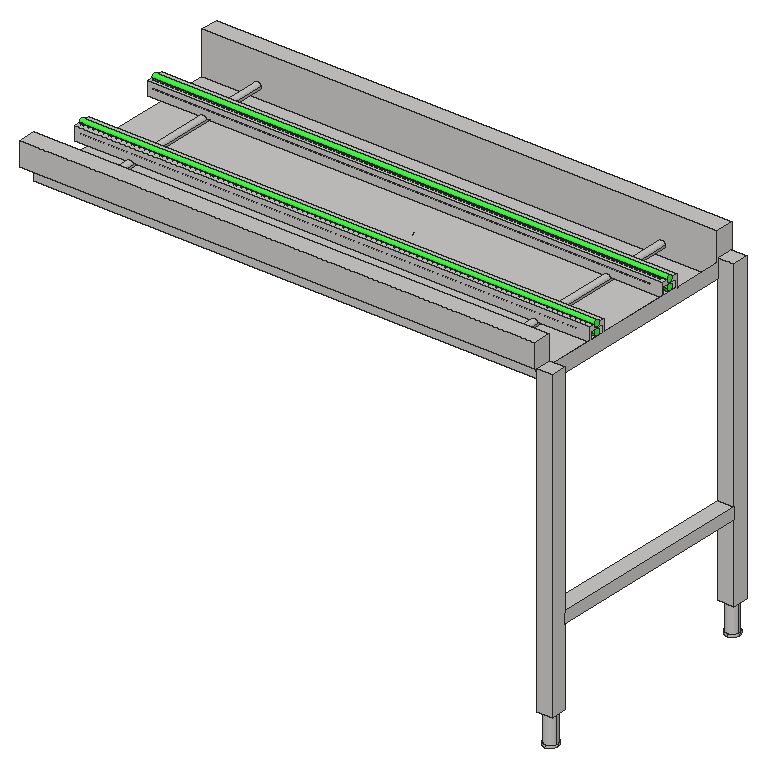
Revit family "QF_ELECTROLUXPROFESSIONAL_863151_HSBCC13", category Specialty Equipment, Revit 2018
Family settings
  Round Connector Dimension = Use Diameter
  Part Type = Normal
  Work Plane-Based = No
  Always vertical = Yes
  Cut with Voids When Loaded = No
  Shared = No
  Room Calculation Point = No
Parameters
  Weight = 0.00 kg
  Watts = 0 W
  Volts = 0 V
  URL Manufacturer = "http://professional.electrolux.com"
  URL = "http://professional.electrolux.com"
  Steam Supply Size = 0 mm
  Steam Supply Minimum Pressure = 0.0 Pa
  Steam Supply Maximum Pressure = 0.0 Pa
  Steam Pounds per Hour = 0
  Refrigeration Suction Line Size = 0 mm
  Refrigeration Liquid Line Size = 0 mm
  Refrigerant Compressor Remote = yes
  Manufacturer = "Electrolux"
  Phase = 0
  Model = "HSBCC13"
  Length Actual = 1300 mm  # constant formula
  Item Number = "863151"
  Hot Water Size = 0 mm
  Height Actual = 910 mm  # constant formula
  HP = "0 HP"
  Gas Size = 0 mm
  Gas KW = 0
  Gas Input Pressure = 0 W
  Description = "CORD CONVEYOR FOR BASKETS, L=1300 MM"
  Depth Actual = 620 mm  # constant formula
  Cycle = 0 Hz
  Condensate Return Size = 0 mm
  Compressed Air Volume = 0.0 L/s
  Compressed Air Size = 0 mm
  Compressed Air Pressure = 0.0 Pa
  Cold Water Size = 0 mm
  Accessory = yes
Reference planes
  plane 1 "Centro (Fronte/Retro)": y = 74.737
  plane 2: z = 0
  plane 3 "LEFT": x = -1738.761
  plane 4 "BACK": y = 384.737
  plane 5 "FRONT": y = -235.263
  plane 6: z = 910
  plane 7 "RIGHT": x = -438.761
  plane 8: x = -1088.761
Forms (mm)
  Extrusion 1, solid, material "QF_Finishes_Stainless Steel"
    sketch origin (11.239, 0, 0) x (0, 1, 0) y (0, 0, 1)
      loop
        line (-235.263, 910) -> (-235.263, 850.033) -> (-190.242, 850.033) -> (-190.242, 910) -> (-235.263, 910)
      loop
        line (384.737, 910) -> (339.716, 910) -> (339.716, 850.033) -> (384.737, 850.033) -> (384.737, 910)
    from -1750 to -451.2
  Extrusion 2, solid, material "QF_Finishes_Stainless Steel"
    sketch origin (11.239, 0, 0) x (0, 1, 0) y (0, 0, 1)
      loop
        line (-191.727, 850.033) -> (-191.727, 800.081) -> (341.245, 800.081) -> (341.245, 850.033) -> (339.716, 850.033) -> (339.716, 803.081) -> (-190.242, 803.081) -> (-190.242, 850.033) -> (-191.727, 850.033)
    from -1750 to -451.2
  Extrusion 3, solid, material "QF_Finishes_Stainless Steel"
    sketch origin (1061.239, 723.253, 4000) x (0, 1, 0) y (0, 0, 1)
      loop
        line (-958.516, -3090) -> (-958.516, -3149.967) -> (-934.752, -3185.632) -> (-915.4, -3185.632) -> (-915.4, -3199.919) -> (-381.633, -3199.919) -> (-381.633, -3185.632) -> (-362.281, -3185.632) -> (-338.516, -3149.967) -> (-338.516, -3090) -> (-383.538, -3090) -> (-383.538, -3161.926) -> (-913.495, -3161.926) -> (-913.495, -3090) -> (-958.516, -3090)
    from -1500 to -1501.2
  Extrusion 4, solid, material "QF_Finishes_Stainless Steel"
    sketch origin (-1477.522, 74.737, 0) x (-1, 0, 0) y (0, 0, -1)
      loop
        line (-1079.929, -300) -> (-1039.929, -300) -> (-1039.929, -270) -> (-1079.929, -270) -> (-1079.929, -300)
    from -266.504 to 266.46
  Revolve 5, solid, material "QF_Finishes_Stainless Steel"
    sketch origin (0, 74.737, 0) x (1, 0, 0) y (0, 0, 1)
      loop
        line (-1165.255, 800.081) -> (-1165.255, 786.333)
        arc (-1165.255, 786.333) -> (-1164.651, 784.73) -> (-1163.151, 783.903) r 2.474
        arc (-1163.151, 783.903) -> (-1159.843, 780.044) -> (-1163.138, 776.173) r 3.913
        arc (-1163.138, 776.173) -> (-1164.648, 775.341) -> (-1165.255, 773.728) r 2.49
        line (-1165.255, 773.728) -> (-1165.255, 733.404)
        arc (-1165.255, 733.404) -> (-1154.605, 702.706) -> (-1127.218, 685.219) r 49.516
        line (-1127.218, 685.219) -> (-1127.218, 682.73) -> (-1126.011, 681.079) -> (-1126.011, 679.492) -> (-1112.231, 673.492) -> (-1112.231, 638.761) -> (-1110.707, 637.3) -> (-1088.761, 637.3) -> (-1088.761, 800.081) -> (-1165.255, 800.081)
      axis (-1088.761, 800.081) -> (-1088.761, 637.3)
    angle from 0 to 360
  Extrusion 6, solid, material "QF_Finishes_Stainless Steel"
    sketch origin (0, 74.737, 0) x (1, 0, 0) y (0, 0, 1)
      loop
        circle (-1598.761, 831.05) r 8.5
    from -265 to 264.979
  Extrusion 7, solid, material "QF_Finishes_Stainless Steel"
    sketch origin (2140, 74.737, 0) x (1, 0, 0) y (0, 0, 1)
      loop
        circle (-2718.761, 831.05) r 8.5
    from -265 to 265
  Extrusion 8, solid, material "QF_Finishes_Stainless Steel"
    sketch origin (-438.761, 0, 0) x (0, 1, 0) y (0, 0, 1)
      loop
        line (-62.763, 869.045) -> (-62.763, 835.05) -> (-60.363, 835.05) -> (-60.363, 857.845) -> (-19.763, 857.845) -> (-19.763, 835.05) -> (-17.763, 835.05) -> (-17.763, 869.045) -> (-30.056, 869.045) -> (-35.275, 860.005) -> (-45.251, 860.005) -> (-50.47, 869.045) -> (-62.763, 869.045)
      loop
        line (212.237, 869.045) -> (199.944, 869.045) -> (194.725, 860.005) -> (184.749, 860.005) -> (179.53, 869.045) -> (167.237, 869.045) -> (167.237, 835.05) -> (169.237, 835.05) -> (169.237, 857.845) -> (209.837, 857.845) -> (209.837, 835.05) -> (212.237, 835.05) -> (212.237, 869.045)
    from 0 to -1300
  Extrusion 9, solid, material "QF_Finishes_Green"
    sketch origin (-438.761, 0, 0) x (0, 1, 0) y (0, 0, 1)
      loop
        circle (-40.263, 868.505) r 7.5
      loop
        circle (-40.263, 848.505) r 7.5
      loop
        circle (189.737, 868.505) r 7.5
      loop
        circle (189.737, 848.505) r 7.5
    from 0 to -1300
Cuts and joins
  joined: Extrusion 1, Extrusion 2, Extrusion 3, Extrusion 6, Extrusion 7, Extrusion 8
Lines and regions (mm)
  Split face 1
    outline origin (-623.782, -239.063, 803.081) x (0, 1, 0) y (-1, 0, 0)
      loop
        circle (313.8, 464.979) r 3
  Split face 2
    outline origin (-623.782, -239.063, 803.081) x (0, 1, 0) y (-1, 0, 0)
      loop
        circle (313.8, 464.979) r 9
  Split face 3
    outline origin (-623.782, -239.063, 803.081) x (0, 1, 0) y (-1, 0, 0)
      loop
        circle (313.8, 464.979) r 26
  Split face 4
    outline origin (-623.782, -239.063, 803.081) x (0, 1, 0) y (-1, 0, 0)
      loop
        circle (313.8, 464.979) r 36
  Split face 5
    outline origin (-623.782, -239.063, 803.081) x (0, 1, 0) y (-1, 0, 0)
      loop
        circle (313.8, 464.979) r 53
  symbolic lines
    curve 1: line (-438.761, 384.737, 0) -> (-1738.761, 384.737, 0)
    curve 2: line (-1738.761, 384.737, 0) -> (-1738.761, -235.263, 0)
    curve 3: line (-1738.761, 339.716, 0) -> (-438.761, 339.716, 0)
    curve 4: line (-1738.761, -235.263, 0) -> (-438.761, -235.263, 0)
    curve 5: line (-438.761, -235.263, 0) -> (-438.761, 384.737, 0)
    curve 6: line (-438.761, -190.242, 0) -> (-1738.761, -190.242, 0)
    curve 7: line (-1738.761, 74.737, 0) -> (-1708.761, 74.737, 0)
    curve 8: line (-438.761, 74.737, 0) -> (-468.761, 74.737, 0)
    curve 9: circle (-1088.761, 74.737, 0) r 23.47 normal (0, 0, 1)
    curve 10: line (-438.761, 212.237, 0) -> (-1738.761, 212.237, 0)
    curve 11: line (-1738.761, 167.237, 0) -> (-438.761, 167.237, 0)
    curve 12: line (-438.761, -17.763, 0) -> (-1738.761, -17.763, 0)
    curve 13: line (-1738.761, -62.763, 0) -> (-438.761, -62.763, 0)
    curve 14: line (-1738.761, -47.763, 0) -> (-438.761, -47.763, 0)
    curve 15: line (-1738.761, -32.763, 0) -> (-438.761, -32.763, 0)
    curve 16: line (-1738.761, 197.237, 0) -> (-438.761, 197.237, 0)
    curve 17: line (-1738.761, 182.237, 0) -> (-438.761, 182.237, 0)
    curve 18: line (-1607.261, 339.716, 0) -> (-1607.261, 212.237, 0)
    curve 19: line (-1590.261, 339.716, 0) -> (-1590.261, 212.237, 0)
    curve 20: line (-1590.261, 167.237, 0) -> (-1590.261, -17.763, 0)
    curve 21: line (-1607.261, 167.237, 0) -> (-1607.261, -17.763, 0)
    curve 22: line (-1607.261, -62.763, 0) -> (-1607.261, -190.242, 0)
    curve 23: line (-1590.261, -62.763, 0) -> (-1590.261, -190.242, 0)
    curve 24: line (-587.261, 339.716, 0) -> (-587.261, 212.237, 0)
    curve 25: line (-570.261, 339.716, 0) -> (-570.261, 212.237, 0)
    curve 26: line (-570.261, 167.237, 0) -> (-570.261, -17.763, 0)
    curve 27: line (-587.261, 167.237, 0) -> (-587.261, -17.763, 0)
    curve 28: line (-587.261, -62.763, 0) -> (-587.261, -190.242, 0)
    curve 29: line (-570.261, -62.763, 0) -> (-570.261, -190.242, 0)
Dimensions and locks
  plane 3 "LEFT" to plane 7 "RIGHT" = 1300 mm
  equal spacing: plane 4 "BACK", plane 1 "Centro (Fronte/Retro)", plane 5 "FRONT"
  plane 4 "BACK" to plane 5 "FRONT" = 620 mm
  equal spacing: plane 3 "LEFT", plane 8, plane 7 "RIGHT"
  locked: Extrusion 6 sketch curve to plane 3 "LEFT" at 140
  locked: plane 7 "RIGHT" to Extrusion 7 sketch curve at 140
  aligned and locked: level to plane 2
  aligned and locked: curve 9 to Revolve 5
  aligned and locked: plane 8 to Split face 5  (x2)
  aligned and locked: plane 8 to Split face 4  (x2)
  aligned and locked: plane 8 to cut or joined group of Extrusion 1, Extrusion 2, Extrusion 3, Extrusion 6, Extrusion 7, Extrusion 8  (x4)
  aligned and locked: plane 8 to Split face 3  (x2)
  aligned and locked: plane 8 to Split face 2  (x2)
  aligned and locked: plane 8 to Split face 1  (x2)
  aligned and locked: Extrusion 2 to plane 3 "LEFT"
  aligned and locked: Extrusion 1 to plane 3 "LEFT"
  aligned and locked: Extrusion 8 to plane 3 "LEFT"
  aligned and locked: cut or joined group of Extrusion 1, Extrusion 2, Extrusion 3, Extrusion 6, Extrusion 7, Extrusion 8 to plane 3 "LEFT"  (x2)
  aligned and locked: plane 3 "LEFT" to curve 6
  aligned and locked: plane 3 "LEFT" to curve 4
  aligned and locked: Extrusion 9 to plane 3 "LEFT"
Automatic sketch dimensions
  Extrusion 1 sketch curve to plane 5 "FRONT" = 0 mm
  Extrusion 1 sketch curve to plane 6 = 0 mm  (x2)
  Extrusion 1 sketch curve to plane 4 "BACK" = 0 mm
  plane 5 "FRONT" to Extrusion 1 sketch curve = 45.021 mm
  Extrusion 1 sketch curve to plane 4 "BACK" = 45.021 mm
  Extrusion 1 sketch curve to Extrusion 1 sketch curve = 59.967 mm  (x2)
  plane 5 "FRONT" to Extrusion 2 sketch curve = 43.536 mm
  Extrusion 2 sketch curve to Extrusion 2 sketch curve = 1.486 mm
  Extrusion 2 sketch curve to plane 4 "BACK" = 45.021 mm
  Extrusion 2 sketch curve to Extrusion 2 sketch curve = 1.529 mm
  Extrusion 2 sketch curve to plane 6 = 109.919 mm
  Extrusion 2 sketch curve to Extrusion 2 sketch curve = 3 mm
  Extrusion 2 sketch curve to Extrusion 2 sketch curve = 46.952 mm  (x2)
  Extrusion 3 sketch curve to plane 5 "FRONT" = 0 mm
  Extrusion 3 sketch curve to plane 6 = 0 mm  (x2)
  Extrusion 3 sketch curve to plane 4 "BACK" = 0 mm
  plane 5 "FRONT" to Extrusion 3 sketch curve = 23.764 mm
  Extrusion 3 sketch curve to Extrusion 3 sketch curve = 19.352 mm  (x2)
  plane 5 "FRONT" to Extrusion 3 sketch curve = 45.021 mm
  Extrusion 3 sketch curve to plane 4 "BACK" = 45.021 mm
  Extrusion 3 sketch curve to Extrusion 3 sketch curve = 1.905 mm
  Extrusion 3 sketch curve to Extrusion 3 sketch curve = 59.967 mm  (x2)
  Extrusion 3 sketch curve to Extrusion 3 sketch curve = 11.959 mm
  Extrusion 3 sketch curve to Extrusion 3 sketch curve = 23.706 mm  (x2)
  Extrusion 3 sketch curve to Extrusion 3 sketch curve = 14.287 mm
  Extrusion 4 sketch curve to plane 7 "RIGHT" = 41.168 mm
  Extrusion 4 sketch curve to plane 7 "RIGHT" = 1.168 mm
  Extrusion 4 sketch curve to level = 270 mm
  Extrusion 4 sketch curve to Extrusion 4 sketch curve = 30 mm
  Extrusion 6 sketch curve to plane 6 = 78.95 mm
  Extrusion 7 sketch curve to plane 6 = 78.95 mm
  plane 1 "Centro (Fronte/Retro)" to Extrusion 8 sketch curve = 137.5 mm
  Extrusion 8 sketch curve to Extrusion 8 sketch curve = 2.4 mm  (x2)
  Extrusion 8 sketch curve to plane 6 = 40.955 mm  (x3)
  Extrusion 8 sketch curve to Extrusion 8 sketch curve = 12.293 mm  (x2)
  Extrusion 8 sketch curve to Extrusion 8 sketch curve = 5.219 mm  (x4)
  Extrusion 8 sketch curve to Extrusion 8 sketch curve = 9.976 mm  (x2)
  Extrusion 8 sketch curve to Extrusion 8 sketch curve = 10.293 mm
  Extrusion 8 sketch curve to Extrusion 8 sketch curve = 2 mm  (x2)
  Extrusion 8 sketch curve to plane 1 "Centro (Fronte/Retro)" = 92.5 mm
  Extrusion 8 sketch curve to plane 6 = 49.995 mm
  Extrusion 8 sketch curve to Extrusion 8 sketch curve = 9.893 mm
  Extrusion 8 sketch curve to Extrusion 8 sketch curve = 11.2 mm
  Extrusion 8 sketch curve to Extrusion 8 sketch curve = 2.16 mm
  Extrusion 8 sketch curve to Extrusion 8 sketch curve = 22.795 mm  (x4)
  Extrusion 8 sketch curve to Extrusion 8 sketch curve = 9.04 mm  (x2)
  plane 1 "Centro (Fronte/Retro)" to Extrusion 9 sketch curve = 115 mm
  Extrusion 9 sketch curve to Extrusion 9 sketch curve = 0 mm  (x2)
  Extrusion 9 sketch curve to plane 1 "Centro (Fronte/Retro)" = 115 mm
  Extrusion 9 sketch curve to plane 6 = 61.495 mm  (x2)
  Extrusion 9 sketch curve to Extrusion 9 sketch curve = 20 mm  (x2)
  plane 1 "Centro (Fronte/Retro)" to curve 7 = 0 mm
  plane 1 "Centro (Fronte/Retro)" to curve 8 = 0 mm
  curve 15 to plane 7 "RIGHT" = 0 mm
  curve 4 to plane 5 "FRONT" = 0 mm
  curve 2 to plane 4 "BACK" = 0 mm
  plane 3 "LEFT" to curve 7 = 30 mm
  curve 18 to plane 4 "BACK" = 45.021 mm
  plane 3 "LEFT" to curve 18 = 131.5 mm
  plane 5 "FRONT" to curve 22 = 45.021 mm
  plane 3 "LEFT" to curve 22 = 131.5 mm
  curve 21 to curve 18 = 0 mm
  curve 18 to curve 19 = 17 mm
  curve 21 to curve 20 = 17 mm
  curve 22 to curve 23 = 17 mm
  curve 28 to plane 7 "RIGHT" = 148.5 mm
  curve 24 to plane 7 "RIGHT" = 148.5 mm
  curve 27 to curve 28 = 0 mm
  curve 27 to curve 26 = 17 mm
  curve 24 to curve 25 = 17 mm
  curve 28 to curve 29 = 17 mm
  curve 8 to plane 7 "RIGHT" = 30 mm
  curve 13 to curve 14 = 15 mm
  curve 14 to curve 15 = 15 mm
  curve 15 to curve 12 = 15 mm
  curve 11 to curve 17 = 15 mm
  curve 16 to curve 10 = 15 mm
  Revolve 5 sketch curve to plane 8 = 0 mm  (x2)
  Revolve 5 sketch curve to Revolve 5 sketch curve = 21.946 mm
  Revolve 5 sketch curve to Revolve 5 sketch curve = 1.524 mm
  Revolve 5 sketch curve to plane 8 = 26.978 mm
  Revolve 5 sketch curve to Revolve 5 sketch curve = 13.78 mm
  Revolve 5 sketch curve to Revolve 5 sketch curve = 1.206 mm
  Revolve 5 sketch curve to Revolve 5 sketch curve = 47.026 mm
  Revolve 5 sketch curve to Revolve 5 sketch curve = 0.016 mm  (x3)
  Revolve 5 sketch curve to Revolve 5 sketch curve = 0.976 mm
  Revolve 5 sketch curve to Revolve 5 sketch curve = 2.474 mm
  Revolve 5 sketch curve to Revolve 5 sketch curve = 2.49 mm
  Revolve 5 sketch curve to Revolve 5 sketch curve = 0 mm
  Revolve 5 sketch curve to plane 6 = 272.7 mm
  Revolve 5 sketch curve to Revolve 5 sketch curve = 1.461 mm
  Revolve 5 sketch curve to Revolve 5 sketch curve = 34.731 mm
  Revolve 5 sketch curve to Revolve 5 sketch curve = 6 mm
  Revolve 5 sketch curve to Revolve 5 sketch curve = 1.588 mm
  Revolve 5 sketch curve to Revolve 5 sketch curve = 1.651 mm
  Revolve 5 sketch curve to Revolve 5 sketch curve = 2.488 mm
  Revolve 5 sketch curve to Revolve 5 sketch curve = 48.167 mm
  Revolve 5 sketch curve to Revolve 5 sketch curve = 40.307 mm
  Revolve 5 sketch curve to Revolve 5 sketch curve = 6.326 mm
  Revolve 5 sketch curve to Revolve 5 sketch curve = 6.296 mm
  Revolve 5 sketch curve to Revolve 5 sketch curve = 13.748 mm
  Revolve 5 sketch curve to Revolve 5 sketch curve = 0.373 mm
  Revolve 5 sketch curve to Revolve 5 sketch curve = 38.557 mm
  plane 6 to Revolve 5 sketch curve = 8.743 mm
  cut or joined group of Extrusion 1, Extrusion 2, Extrusion 3, Extrusion 6, Extrusion 7, Extrusion 8 to Split face 1 sketch curve = 264.979 mm
  cut or joined group of Extrusion 1, Extrusion 2, Extrusion 3, Extrusion 6, Extrusion 7, Extrusion 8 to Split face 1 sketch curve = 648.8 mm
  cut or joined group of Extrusion 1, Extrusion 2, Extrusion 3, Extrusion 6, Extrusion 7, Extrusion 8 to Split face 2 sketch curve = 264.979 mm
  cut or joined group of Extrusion 1, Extrusion 2, Extrusion 3, Extrusion 6, Extrusion 7, Extrusion 8 to Split face 2 sketch curve = 648.8 mm
  cut or joined group of Extrusion 1, Extrusion 2, Extrusion 3, Extrusion 6, Extrusion 7, Extrusion 8 to Split face 3 sketch curve = 264.979 mm
  cut or joined group of Extrusion 1, Extrusion 2, Extrusion 3, Extrusion 6, Extrusion 7, Extrusion 8 to Split face 3 sketch curve = 648.8 mm
  cut or joined group of Extrusion 1, Extrusion 2, Extrusion 3, Extrusion 6, Extrusion 7, Extrusion 8 to Split face 4 sketch curve = 264.979 mm
  cut or joined group of Extrusion 1, Extrusion 2, Extrusion 3, Extrusion 6, Extrusion 7, Extrusion 8 to Split face 4 sketch curve = 648.8 mm
  cut or joined group of Extrusion 1, Extrusion 2, Extrusion 3, Extrusion 6, Extrusion 7, Extrusion 8 to Split face 5 sketch curve = 264.979 mm
  cut or joined group of Extrusion 1, Extrusion 2, Extrusion 3, Extrusion 6, Extrusion 7, Extrusion 8 to Split face 5 sketch curve = 648.8 mm
  curve 6 to curve 13 = 127.479 mm
  curve 20 to curve 19 = 45 mm
  curve 26 to plane 1 "Centro (Fronte/Retro)" = 92.5 mm
  radius of Extrusion 6 sketch curve = 8.5 mm
  radius of Extrusion 7 sketch curve = 8.5 mm
  radius of Extrusion 9 sketch curve = 7.5 mm  (x4)
  radius of Split face 1 sketch curve = 3 mm
  radius of Split face 2 sketch curve = 9 mm
  radius of Split face 3 sketch curve = 26 mm
  radius of Split face 4 sketch curve = 36 mm
  radius of Split face 5 sketch curve = 53 mm
Nested families
  nested 1: "Foot_40x40" at (-417.593, 361.245, 0) x (-1, 0, 0) z (0, 0, 1), type "Foot_40x40"
    with A 850.033 mm
  nested 2: "Foot_40x40" at (-417.593, -211.771, 0) x (-1, 0, 0) z (0, 0, 1), type "Foot_40x40"
    with A 850.033 mm
Connectors
  piping at (-1088.761, 74.737, 637.3), diameter 40
    settings: on Revolve 5, index 1, connector inside diameter 609.6 mm, connector length 0 mm, flow factor 0, pipe flow 0.0 L/s, pressure drop 0.0 Pa, fitting loss kfactor 0, connector angle 0.00°, fixture units 0, engagement length 0 mm, angle of deflection 0.00°, flow configuration 1, flow direction 2, fitting loss method 0, system type 16, joint type 0, gender type 0, connector reference index -1, connector utility 0, adjustable connector no, is connector primary yes, connector description "Drain"
Definition of nested family "Foot_40x40"
  Parameters
    A [instance] = 850 mm
  Reference planes
    plane 1 "Centro (Fronte/Retro)": y = 0
    plane 2: z = 0
    plane 3 "Centro (Sinistra/Destra)": x = 0
    plane 4: z = 850
  Forms (mm)
    Extrusion 1, solid
      sketch origin (0, 0, 0) x (1, 0, 0) y (0, 1, 0)
        loop
          circle (0, 0) r 18
      from 0 to 5
    Extrusion 2, solid
      sketch origin (0, 0, 5) x (1, 0, 0) y (0, 1, 0)
        loop
          circle (0, 0) r 15
      from 0 to 70
    Extrusion 3, solid
      sketch origin (0, 0, 75) x (1, 0, 0) y (0, 1, 0)
        loop
          line (-20, 20) -> (-20, -20) -> (20, -20) -> (20, 20) -> (-20, 20)
      from 0 to 775
  Dimensions and locks
    "A": plane 4 to plane 2
    aligned and locked: level to plane 2
    aligned and locked: plane 4 to Extrusion 3
    aligned and locked: Extrusion 1 to level
  Automatic sketch dimensions
    plane 1 "Centro (Fronte/Retro)" to Extrusion 1 sketch curve = 0 mm
    Extrusion 1 sketch curve to plane 3 "Centro (Sinistra/Destra)" = 0 mm
    Extrusion 3 sketch curve to Extrusion 3 sketch curve = 40 mm  (x2)
    radius of Extrusion 1 sketch curve = 18 mm
    radius of Extrusion 2 sketch curve to Extrusion 1 = 3 mm
